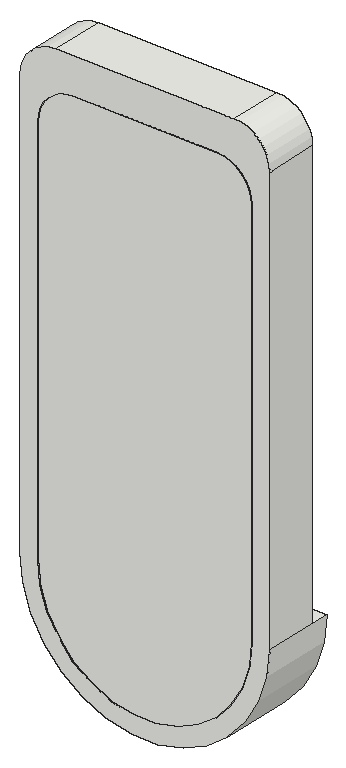
Revit family
Parameters
  소변기 재료 = 자기 - 아이보리색
Reference planes
  plane 1: y = 0
  plane 2: x = -109.075
  plane 3: y = 100
  plane 4: z = 610
Forms (mm)
  Revolve 1, solid, material "자기 - 아이보리색" <- "소변기 재료"
    sketch origin (0, 0, 610) x (1, 0, 0) y (0, 1, 0)
      loop
        arc (43.325, 201.6) -> (-22.648, 261.489) -> (-109.075, 283.162) r 183.162
        line (-109.075, 283.162) -> (-109.075, 259.445)
        arc (-109.075, 259.445) -> (-14.34, 228.25) -> (43.325, 146.871) r 159.445
        line (43.325, 146.871) -> (43.325, 100) -> (68.725, 100) -> (68.725, 201.6) -> (43.325, 201.6)
      axis (-109.075, 283.162) -> (-109.075, 100)
    angle from 0 to 180
  Extrusion 2, solid, material "자기 - 아이보리색" <- "소변기 재료"
    sketch origin (-1524, 100, 0) x (-1, 0, 0) y (0, 0, 1)
      loop
        arc (-1567.325, 610) -> (-1414.925, 457.6) -> (-1262.525, 610) r 152.4
        line (-1262.525, 610) -> (-1262.525, 1168.8)
        arc (-1262.525, 1168.8) -> (-1277.404, 1204.721) -> (-1313.325, 1219.6) r 50.8
        line (-1313.325, 1219.6) -> (-1516.525, 1219.6)
        arc (-1516.525, 1219.6) -> (-1552.446, 1204.721) -> (-1567.325, 1168.8) r 50.8
        line (-1567.325, 1168.8) -> (-1567.325, 610)
    from 0 to 12.7
  Extrusion 3, solid, material "자기 - 아이보리색" <- "소변기 재료"
    sketch origin (-1524, 100, 0) x (-1, 0, 0) y (0, 0, 1)
      loop
        line (-1592.725, 610) -> (-1567.325, 610) -> (-1567.325, 1168.8)
        arc (-1567.325, 1168.8) -> (-1552.446, 1204.721) -> (-1516.525, 1219.6) r 50.8
        line (-1516.525, 1219.6) -> (-1313.325, 1219.6)
        arc (-1313.325, 1219.6) -> (-1277.404, 1204.721) -> (-1262.525, 1168.8) r 50.8
        line (-1262.525, 1168.8) -> (-1262.525, 610) -> (-1237.125, 610) -> (-1237.125, 1219.6)
        arc (-1237.125, 1219.6) -> (-1252.004, 1255.521) -> (-1287.925, 1270.4) r 50.8
        line (-1287.925, 1270.4) -> (-1541.925, 1270.4)
        arc (-1541.925, 1270.4) -> (-1577.846, 1255.521) -> (-1592.725, 1219.6) r 50.8
        line (-1592.725, 1219.6) -> (-1592.725, 610)
    from 0 to 76.2
Cuts and joins
  joined: Revolve 1, Extrusion 3
Lines and regions (mm)
  Masking region 1
    outline origin (0, 0, 0) x (1, 0, 0) y (0, 1, 0)
      loop
        line (-261.475, 201.6) -> (-286.875, 201.6) -> (-286.875, 100) -> (69.24, 100) -> (69.24, 201.6) -> (43.325, 201.6)
        arc (43.325, 201.6) -> (-109.075, 287.819) -> (-261.475, 201.6) r 177.8
  symbolic lines
    curve 1: line (-261.475, 201.6, 0) -> (-261.475, 100, 0)
    curve 2: line (43.325, 201.6, 0) -> (43.325, 100, 0)
    curve 3: line (-261.475, 146.871, 0) -> (-261.475, 100, 0)
    curve 4: line (43.325, 146.871, 0) -> (-261.475, 146.871, 0)
    curve 5: line (43.325, 100, 0) -> (43.325, 146.871, 0)
Text (mm)
  text "내부" at (0, 302.258, 2004.463), in view "오른쪽"
  text "내부" at (0, 964.991, 1761.477), in view "왼쪽"
Dimensions and locks
  locked: level to plane 4 at 610
  aligned and locked: plane 3 to host wall
  aligned and locked: plane 3 to Masking region 1 sketch curve
  aligned and locked: curve 4 to Revolve 1
Automatic sketch dimensions
  Revolve 1 sketch curve to plane 2 = 0.00 mm  (x2)
  Revolve 1 sketch curve to plane 3 = 0.00 mm  (x3)
  Revolve 1 sketch curve to plane 2 = 152.40 mm
  Revolve 1 sketch curve to Revolve 1 sketch curve = 0.00 mm
  Revolve 1 sketch curve to Revolve 1 sketch curve = 25.40 mm
  Revolve 1 sketch curve to Revolve 1 sketch curve = 46.871 mm
  Revolve 1 sketch curve to Revolve 1 sketch curve = 54.729 mm
  Revolve 1 sketch curve to Revolve 1 sketch curve = 55.248 mm
  Revolve 1 sketch curve to Revolve 1 sketch curve = 50.80 mm
  Extrusion 2 sketch curve to plane 4 = 0.00 mm
  Extrusion 2 sketch curve to plane 2 = 0.00 mm
  Extrusion 2 sketch curve to plane 2 = 101.60 mm
  Extrusion 2 sketch curve to Extrusion 2 sketch curve = 50.80 mm  (x2)
  Extrusion 2 sketch curve to Extrusion 2 sketch curve = 558.80 mm
  Extrusion 3 sketch curve to plane 4 = 0.00 mm  (x2)
  Extrusion 3 sketch curve to plane 2 = 177.80 mm
  Extrusion 3 sketch curve to Extrusion 3 sketch curve = 25.40 mm  (x3)
  Extrusion 3 sketch curve to Extrusion 3 sketch curve = 50.80 mm  (x3)
  plane 2 to Extrusion 3 sketch curve = 101.60 mm
  plane 2 to Extrusion 3 sketch curve = 152.40 mm
  Extrusion 3 sketch curve to Extrusion 3 sketch curve = 558.80 mm
  Masking region 1 sketch curve to plane 2 = 0.00 mm
  plane 2 to Masking region 1 sketch curve = 152.40 mm
  Masking region 1 sketch curve to Masking region 1 sketch curve = 25.40 mm
  host wall to Masking region 1 sketch curve = 101.60 mm
  Masking region 1 sketch curve to plane 2 = 152.40 mm
  Masking region 1 sketch curve to Masking region 1 sketch curve = 25.914 mm
  host wall to Masking region 1 sketch curve = 10.019 mm
  curve 1 to host wall = 0.00 mm
  curve 5 to host wall = 0.00 mm
  plane 2 to curve 1 = 152.40 mm
  curve 4 to plane 2 = 152.40 mm
  curve 3 to curve 1 = 54.729 mm
  curve 4 to curve 2 = 54.729 mm
